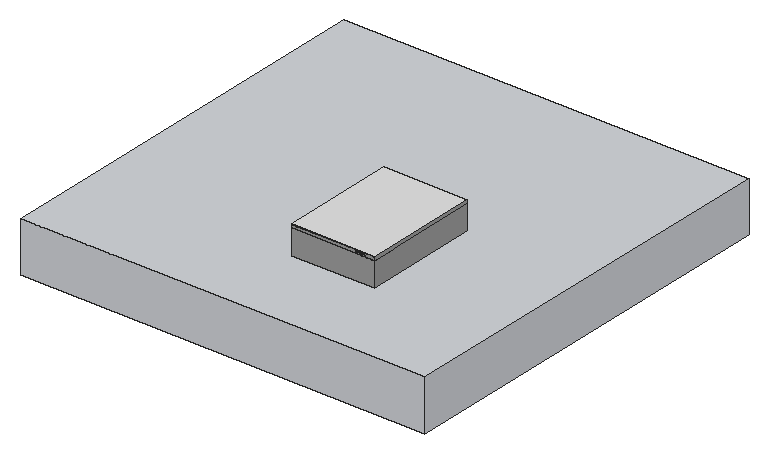
Revit family "IS_Concept_Multiproduct_BIM_GB_E0319;E0320", category Casework, host Face, Revit 2015
Parameters (values of type "E0331KP - Concept Space 500 mm Mirror Cabinet - Inox")
  Width = NominalWidth  # 500 mm
  WarrantyStartDate [instance] = "1900-12-31T23:59:59"
  WarrantyGuarantorParts = "Productinfo@thebluebook.co.uk"
  WarrantyGuarantorLabor = "n/a"
  WarrantyDurationUnit = "year"
  WarrantyDurationParts = "5"
  WarrantyDurationLabor = "n/a"
  WarrantyDescription = "Manufacturers warranty"
  VolumeUnits = "Litres"
  Version = "2"
  Uniclass2015Version = "Products v1.1"
  Uniclass2015Title = "Bathroom cabinets"
  Uniclass2015Code = "Pr_40_30_78_03"
  URL = "www.idealspec.co.uk"
  Type Comments = "n/a"
  TagNumber [instance] = "n/a"
  SustainabilityPerformance = "FSC"
  Style = "Bathroom cabinets"
  SpareParts = "www.fastpart-spares.co.uk"
  Space = "Internal"
  Size = "500 x 170 x 700 mm"
  Shape = "Rectangular"
  SerialNumber [instance] = "n/a"
  Revision = "n/a"
  ReplacementCost = "n/a"
  ProductInformation = "www.idealspec.co.uk/assets/datasheet/E0331KP"
  Phone = "01482 346 461"
  NominalWidth = 500 mm
  NominalLength = 500 mm
  NominalHeight = 700 mm
  NominalDepth = 170 mm
  NettWeight = "16 Kg"
  Name = "BathroomCabinets_Concept_E0331KP_IdealStandard"
  NBSTypeID = "n/a"
  NBSReference = "45-35-72/320"
  NBSOfficeMasterTag = "n/a"
  NBSNote = "n/a"
  NBSDescription = "Bathroom integrated furniture"
  NBSCertification = "n/a"
  ModelReference = Description  # "Concept space 500 mm mirror cabinet, inox"
  ModelNumber = Model  # "E0331KP"
  MirrorMtl = ISI_IdealStandard_Furniture_Mirror_Render
  MetalMtl = ISI_IdealStandard_Furniture_Metal_Chrome_Render
  Material = "Varies, see product information"
  ManufacturerURL = "www.idealspec.co.uk"
  MainColor = "Inox"
  LinearUnits = "millimeters"
  LaminateMtl = ISI_IdealStandard_Furniture_Metal_Aluminium_KP_Render
  Keynote = "n/a"
  InstallationInstructions = "www.idealspec.co.uk/resources.html"
  InstallationDate [instance] = "1900-12-31T23:59:59"
  IfcExportType = "Bathroom cabinets"
  IfcExportAs = "IfcFurnitureType"
  Height = NominalHeight  # 700 mm
  GrossWeight = "n/a"
  Grade = "n/a"
  Finish = "Inox"
  Features = "500 mm mirror cabinet, inox"
  ExpectedLife = "30"
  DurationUnit = "year"
  Depth = NominalDepth  # 170 mm
  CurrencyUnit = "n/a"
  CreatedOn = "2016-08-18"
  Cost = 0
  Constituents = "n/a"
  ConnectionType = "Mechanical"
  Color = "Inox"
  CodePerformance = "FSC, EN 14749:2005"
  Reference = "n/a"
  Model = "E0319KP"
  Manufacturer = "Productinfo@thebluebook.co.uk"
  Description = "Concept space 500 mm mirror cabinet, inox"
  Default Elevation = 2000 mm
  Category = "n/a"
  Brand = "Ideal Standard"
  BarCode [instance] = "5017830452089"
  BIMObjectName = "ISI_IdealStandard_BathroomCabinets_Concept_E0331KP"
  Author = "Ideal Standard (UK) Ltd"
  AssetType = "Fixed"
  AssetIdentifier [instance] = "n/a"
  Assembly Code = "C1030200"
  AreaUnits = "millimeters"
  AreaMeasurement = "n/a"
  Accessories = "www.idealspec.co.uk"
  AccessibilityPerformance = "n/a"
  2Doors = no
  1Door = yes
Types (4, lengths in mm): name | Width | Size | ProductInformation | NominalWidth | NominalLength | NettWeight | Name | ModelReference | ModelNumber | MainColor | LaminateMtl | Finish | Features | Color | Model | Description | BarCode | BIMObjectName | 2Doors | 1Door
  E0332WG - Concept Space 600 mm Mirror Cabinet - White Gloss | 600 | "600 x 170 x 700 mm" | "www.idealspec.co.uk/assets/datasheet/E0332WG" | 600 | 600 | "17.5 Kg" | "BathroomCabinets_Concept_E0332WG_IdealStandard" | "Concept space 600 mm mirror cabinet, white gloss" | "E0332WG" | "White Gloss" | ISI_IdealStandard_Furniture_Laminate_White_WG_Render | "White Gloss" | "600 mm mirror cabinet, white gloss" | "White Gloss" | "E0320WG" | "Concept space 600 mm mirror cabinet, white gloss" | "5017830452119" | "ISI_IdealStandard_BathroomCabinets_Concept_E0332WG" | yes | no
  E0331WG - Concept Space 500 mm Mirror Cabinet - White Gloss | 500 | "500 x 170 x 700 mm" | "www.idealspec.co.uk/assets/datasheet/E0331WG" | 500 | 500 | "16 Kg" | "BathroomCabinets_Concept_E0331WG_IdealStandard" | "Concept space 500 mm mirror cabinet, white gloss" | "E0331WG" | "White Gloss" | ISI_IdealStandard_Furniture_Laminate_White_WG_Render | "White Gloss" | "500 mm mirror cabinet, white gloss" | "White Gloss" | "E0319WG" | "Concept space 500 mm mirror cabinet, white gloss" | "5017830452096" | "ISI_IdealStandard_BathroomCabinets_Concept_E0331WG" | no | yes
  E0332KP - Concept Space 600 mm Mirror Cabinet - Inox | 600 | "600 x 170 x 700 mm" | "www.idealspec.co.uk/assets/datasheet/E0332KP" | 600 | 600 | "17.5 Kg" | "BathroomCabinets_Concept_E0332KP_IdealStandard" | "Concept space 600 mm mirror cabinet, inox" | "E0332KP" | "Inox" | ISI_IdealStandard_Furniture_Metal_Aluminium_KP_Render | "Inox" | "600 mm mirror cabinet, inox" | "Inox" | "E0320KP" | "Concept space 600 mm mirror cabinet, inox" | "5017830452102" | "ISI_IdealStandard_BathroomCabinets_Concept_E0332KP" | yes | no
  E0331KP - Concept Space 500 mm Mirror Cabinet - Inox | 500 | "500 x 170 x 700 mm" | "www.idealspec.co.uk/assets/datasheet/E0331KP" | 500 | 500 | "16 Kg" | "BathroomCabinets_Concept_E0331KP_IdealStandard" | "Concept space 500 mm mirror cabinet, inox" | "E0331KP" | "Inox" | ISI_IdealStandard_Furniture_Metal_Aluminium_KP_Render | "Inox" | "500 mm mirror cabinet, inox" | "Inox" | "E0319KP" | "Concept space 500 mm mirror cabinet, inox" | "5017830452089" | "ISI_IdealStandard_BathroomCabinets_Concept_E0331KP" | no | yes
Reference planes
  plane 1 "Center (Front/Back)": y = 0
  plane 2: z = 0
  plane 3 "Center (Left/Right)": x = 0
  plane 4: x = 500
  plane 5: y = -700
  plane 6: z = 170
  plane 7: x = 250
  plane 8: x = 450
  plane 9: z = 149
  plane 10: z = 18
  plane 11: z = 167
  plane 12: x = 460
  plane 13: x = 440
  plane 14: x = 422.001
  plane 15: x = 420
  plane 16: x = 480
  plane 17: x = 500
  plane 18: x = 455
Forms (mm)
  Extrusion 1, solid
    sketch origin (0, 0, 0) x (1, 0, 0) y (0, 1, 0)
      loop
        line (-1219.2, 1219.2) -> (-1219.2, -1219.2) -> (1219.2, -1219.2) -> (1219.2, 1219.2) -> (-1219.2, 1219.2)
    from 0 to -304.8
  Extrusion 2, solid, material "ISI_IdealStandard_Furniture_Metal_Aluminium_KP_Render" <- "LaminateMtl"
    sketch origin (-112.22, -700, 1219.2) x (-1, 0, 0) y (0, 0, 1)
      loop
        line (-612.22, -1070.2) -> (-612.22, -1219.2) -> (-112.22, -1219.2) -> (-112.22, -1070.2) -> (-612.22, -1070.2)
    from 0 to 700
  Extrusion 3, solid, material "ISI_IdealStandard_Furniture_Metal_Aluminium_KP_Render" <- "LaminateMtl", visible <- "2Doors"
    sketch origin (0, 0, 0) x (1, 0, 0) y (0, 1, 0)
      loop
        line (0, 0) -> (0, -700) -> (450, -700) -> (450, 0) -> (0, 0)
    from 149 to 167
  Extrusion 4, solid, material "ISI_IdealStandard_Furniture_Metal_Aluminium_KP_Render" <- "LaminateMtl", visible <- "2Doors"
    sketch origin (-23.303, -4572, 149) x (-1, 0, 0) y (0, -1, 0)
      loop
        line (-473.303, -4572) -> (-473.303, -3872) -> (-523.303, -3872) -> (-523.303, -4572) -> (-473.303, -4572)
    from 0 to 18
  Extrusion 5, solid, material "ISI_IdealStandard_Furniture_Metal_Chrome_Render" <- "MetalMtl", visible <- "2Doors", detail levels medium+fine
    sketch origin (-244.25, -4572, 170) x (-1, 0, 0) y (0, -1, 0)
      loop
        line (-704.25, -3872) -> (-704.25, -3867.5)
        arc (-704.25, -3867.5) -> (-705.861, -3863.611) -> (-709.75, -3862) r 5.5
        line (-709.75, -3862) -> (-758.75, -3862)
        arc (-758.75, -3862) -> (-762.639, -3863.611) -> (-764.25, -3867.5) r 5.5
        line (-764.25, -3867.5) -> (-764.25, -3872) -> (-704.25, -3872)
    from -3 to 0
  Extrusion 6, solid, material "ISI_IdealStandard_Furniture_Metal_Chrome_Render" <- "MetalMtl", visible <- "2Doors", detail levels medium+fine
    sketch origin (1144.25, -4572, 170) x (1, 0, 0) y (0, 1, 0)
      loop
        line (-704.25, 3872) -> (-764.25, 3872) -> (-764.25, 3867.5)
        arc (-764.25, 3867.5) -> (-762.639, 3863.611) -> (-758.75, 3862) r 5.5
        line (-758.75, 3862) -> (-709.75, 3862)
        arc (-709.75, 3862) -> (-705.861, 3863.611) -> (-704.25, 3867.5) r 5.5
        line (-704.25, 3867.5) -> (-704.25, 3872)
    from -3 to 0
  Extrusion 7, solid, material "ISI_IdealStandard_Furniture_Mirror_Render" <- "MirrorMtl", visible <- "2Doors"
    sketch origin (608.32, 0, 167) x (1, 0, 0) y (0, 1, 0)
      loop
        line (-608.32, 0) -> (-608.32, -700) -> (-158.32, -700) -> (-158.32, 0) -> (-608.32, 0)
    from 0 to 3
  Extrusion 8, solid, material "ISI_IdealStandard_Furniture_Mirror_Render" <- "MirrorMtl", visible <- "2Doors"
    sketch origin (608.32, 0, 167) x (1, 0, 0) y (0, 1, 0)
      loop
        line (-158.32, 0) -> (-158.32, -700) -> (-108.32, -700) -> (-108.32, 0) -> (-158.32, 0)
    from 0 to 3
  Extrusion 9, solid, material "ISI_IdealStandard_Furniture_Metal_Aluminium_KP_Render" <- "LaminateMtl", visible <- "1Door"
    sketch origin (-23.303, -4572, 149) x (-1, 0, 0) y (0, -1, 0)
      loop
        line (-23.303, -4572) -> (-23.303, -3872) -> (-523.303, -3872) -> (-523.303, -4572) -> (-23.303, -4572)
    from 0 to 18
  Extrusion 10, solid, material "ISI_IdealStandard_Furniture_Mirror_Render" <- "MirrorMtl", visible <- "1Door"
    sketch origin (608.32, 0, 167) x (1, 0, 0) y (0, 1, 0)
      loop
        line (-608.32, 0) -> (-608.32, -700) -> (-108.32, -700) -> (-108.32, 0) -> (-608.32, 0)
    from 0 to 3
  Extrusion 11, solid, material "ISI_IdealStandard_Furniture_Metal_Chrome_Render" <- "MetalMtl", visible <- "1Door", detail levels medium+fine
    sketch origin (1159.25, -4572, 170) x (1, 0, 0) y (0, 1, 0)
      loop
        line (-704.25, 3872) -> (-764.25, 3872) -> (-764.25, 3867.5)
        arc (-764.25, 3867.5) -> (-762.639, 3863.611) -> (-758.75, 3862) r 5.5
        line (-758.75, 3862) -> (-709.75, 3862)
        arc (-709.75, 3862) -> (-705.861, 3863.611) -> (-704.25, 3867.5) r 5.5
        line (-704.25, 3867.5) -> (-704.25, 3872)
    from -3 to 0
Lines and regions (mm)
  symbolic lines, not visible
    curve 1: line (0, -700, 0) -> (0, -2700, 0)
Dimensions and locks
  "NominalWidth": plane 3 "Center (Left/Right)" to plane 4
  equal spacing: plane 3 "Center (Left/Right)", plane 7, plane 4
  equal spacing: plane 15, plane 8, plane 16
  plane 16 to plane 4 = 20 mm
  locked: plane 3 "Center (Left/Right)" to plane 17 at 500
  "NominalHeight": plane 5 to plane 1 "Center (Front/Back)"
  "NominalDepth": plane 6 to Extrusion 1
  aligned and locked: plane 2 to Extrusion 1
  aligned and locked: level to Extrusion 1
  aligned and locked: plane 4 to Extrusion 2 sketch curve
  aligned and locked: Extrusion 1 to Extrusion 2 sketch curve
  aligned and locked: plane 3 "Center (Left/Right)" to Extrusion 2 sketch curve
  aligned and locked: Extrusion 2 to plane 1 "Center (Front/Back)"
  aligned and locked: Extrusion 2 to plane 5
  aligned and locked: Extrusion 2 sketch curve to plane 9
  aligned and locked: Extrusion 3 sketch curve to Extrusion 2  (x3)
  aligned and locked: Extrusion 3 to plane 9
  aligned and locked: plane 8 to Extrusion 3 sketch curve
  aligned and locked: Extrusion 4 sketch curve to Extrusion 3  (x2)
  aligned and locked: Extrusion 4 sketch curve to Extrusion 2  (x2)
  aligned and locked: Extrusion 4 to plane 9
  aligned and locked: Extrusion 5 to plane 11
  aligned and locked: plane 6 to Extrusion 5
  aligned and locked: Extrusion 6 to plane 11
  aligned and locked: plane 6 to Extrusion 6
  aligned and locked: plane 12 to Extrusion 5
  aligned and locked: plane 13 to Extrusion 6
  aligned and locked: plane 11 to Extrusion 4
  aligned and locked: Extrusion 3 to Extrusion 4
  aligned and locked: Extrusion 7 sketch curve to Extrusion 2  (x2)
  aligned and locked: Extrusion 7 sketch curve to Extrusion 3  (x2)
  aligned and locked: Extrusion 8 sketch curve to Extrusion 3  (x2)
  aligned and locked: Extrusion 8 sketch curve to Extrusion 2  (x2)
  aligned and locked: plane 6 to Extrusion 8
  aligned and locked: plane 6 to Extrusion 7
  aligned and locked: Extrusion 7 to Extrusion 3
  aligned and locked: Extrusion 8 to Extrusion 3
  aligned and locked: Extrusion 9 sketch curve to Extrusion 2  (x4)
  aligned and locked: Extrusion 9 to Extrusion 3
  aligned and locked: Extrusion 9 to plane 9
  aligned and locked: Extrusion 10 sketch curve to Extrusion 2  (x4)
  aligned and locked: Extrusion 10 to Extrusion 3
  aligned and locked: plane 6 to Extrusion 10
  aligned and locked: Extrusion 11 to plane 18
Automatic sketch dimensions
  Extrusion 1 sketch curve to Extrusion 1 sketch curve = 2438.4 mm  (x2)
  Extrusion 5 sketch curve to plane 5 = 0 mm
  Extrusion 5 sketch curve to plane 12 = 0 mm
  plane 12 to Extrusion 5 sketch curve = 5.5 mm
  Extrusion 5 sketch curve to plane 5 = 4.5 mm
  Extrusion 5 sketch curve to plane 17 = 14.5 mm
  Extrusion 5 sketch curve to Extrusion 5 sketch curve = 5.5 mm
  Extrusion 6 sketch curve to plane 5 = 0 mm
  Extrusion 6 sketch curve to plane 13 = 0 mm
  Extrusion 6 sketch curve to plane 13 = 5.5 mm
  Extrusion 6 sketch curve to plane 5 = 4.5 mm
  plane 14 to Extrusion 6 sketch curve = 36.501 mm
  Extrusion 6 sketch curve to Extrusion 6 sketch curve = 5.5 mm
  Extrusion 11 sketch curve to plane 5 = 0 mm
  Extrusion 11 sketch curve to plane 18 = 0 mm
  plane 8 to Extrusion 11 sketch curve = 0.5 mm
  Extrusion 11 sketch curve to plane 5 = 4.5 mm
  plane 14 to Extrusion 11 sketch curve = 21.501 mm
  Extrusion 11 sketch curve to Extrusion 11 sketch curve = 5.5 mm
  curve 1 to plane 3 "Center (Left/Right)" = 0 mm
  curve 1 to plane 5 = 0 mm
  curve 1 to plane 5 = 2000 mm
